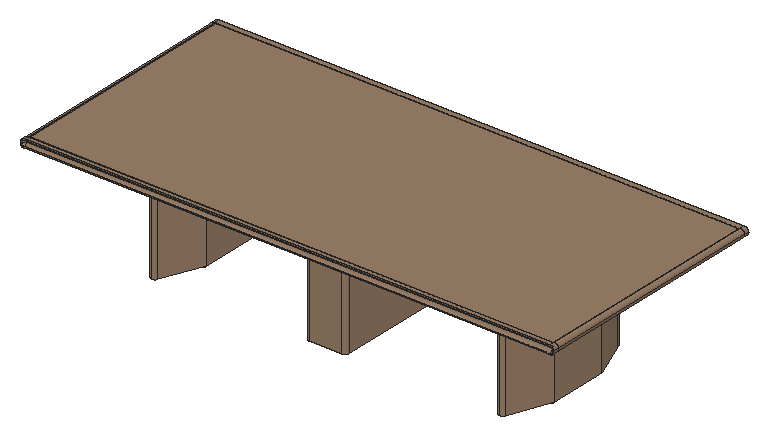
Revit family "Table-Teknion-CFTBCH_Figure_Table_Rectangular_Hexa_Panel_Base_Bullnose_Cove_Edge-R2023", category Furniture, Revit 2023
Family settings
  OmniClass Number = 23.40.20.00
  OmniClass Title = General Furniture and Specialties
  Work Plane-Based = No
  Enable Cutting in Views = No
  Always vertical = Yes
  Cut with Voids When Loaded = No
  Render Appearance Source = Family Geometry
  Shared = Yes
  Room Calculation Point = No
Parameters (values of type "Softened Panel Central Base")
  Width [instance] = 132.000"
  Warranty = "http://www.teknion.com/ca/papers/legal-canada"
  Unit Weight URL = "http://www.teknion.com/ca/tools/assets#&asset=bee6a381-b954-425e-8283-5a2de3a804f2,f828d448-4b62-4231-9e5f-9a8991c0ed77"
  URL = "www.teknion.com"
  Top Finish [instance] = Veneer-Teknion-LX-Natural_Veneer_V3-Sierra_Flat_Cut
  To render please download texture images found here [instance] = "https://assets.teknion.com/web/5e81352c1dfdb467/revit-material-swatches/"
  Sustainability Data = "https://www.teknion.com/ca/tools/assets#&topic=216f99a5-57a0-44fc-b10a-9dee9b29ae4c&asset=444deb64-fe58-4b68-981e-f75e97781df7,b4ff2d81-9f2e-437d-9659-7cffb09c31cf"
  Surface Power Access [instance] = "Select one option for surface power access. None are default."  # constant formula
  Series = "Custom Wood Boardroom & Reception Tables"  # constant formula
  S - Softened Panel = yes
  Product Page URL = "https://www.teknion.com/ca/products/product-details?productLineId=f182336e-8e7a-673b-a6c8-ff00004460c4"
  Product Line = "Figure Table"  # constant formula
  Product Documentation Link = ""
  Power Cover Finish [instance] = Paint - Teknion - Foundation - Sand
  Power - 2 & 3 [instance] = and([AF - 12" Standard Access Door], Width > 131.000")  # no
  Power - 1 & 3 [instance] = and([AF - 12" Standard Access Door], (or(Width < 121.000", Width > 203.000")))  # no
  Part Number = "CFTBCH"  # constant formula
  Panel Width [instance] = if(Depth = 60.000", 36.000", 30.000")  # 36.000"
  NN - None [instance] = not([AF - 12" Standard Access Door])  # yes
  N - No Central Base = no
  Model = "CFTBCH__SS_"
  Manufacturer Phone = "416-661-3370"  # constant formula
  Manufacturer Fax = "416.661.4586"  # constant formula
  Manufacturer Contact Information = "http://www.teknion.com/ca/contactus"
  Manufacturer Address = "1150 Flint Road, Toronto, ON. M3J 2J5. Canada"  # constant formula
  Manufacturer = "Teknion"  # constant formula
  MR - Softened + AF + 36" PW [instance] = and((and([AF - 12" Standard Access Door], (and([S - Softened Panel], Panel Width = 36.000")))), [Power - 1 & 3])  # no
  MR - Softened + AF + 30" PW [instance] = and((and([AF - 12" Standard Access Door], (and([S - Softened Panel], Panel Width = 30.000")))), [Power - 1 & 3])  # no
  MR - Hexa Panel [instance] = and((and([AF - 12" Standard Access Door], [H - Hexa Panel])), Width > 203.000")  # no
  2D - Softened + 36" Panel Width [instance] = and([S - Softened Panel], Panel Width = 36.000")  # yes
  2D - Softened + 30" Panel Width [instance] = and([S - Softened Panel], Panel Width = 30.000")  # no
  MR - NN [instance] = [NN - None]  # yes
  2D - Hexa Panel [instance] = [H - Hexa Panel]  # no
  MR - 3 AF [instance] = and((and((or([S - Softened Panel], [H - Hexa Panel])), [AF - 12" Standard Access Door])), Width > 203.000")  # no
  MR - 2 AF [instance] = and((and((or([S - Softened Panel], [H - Hexa Panel])), [AF - 12" Standard Access Door])), (or(Width > 131.000", Width < 193.000")))  # no
  MR - 1 AF [instance] = and([N - No Central Base], [AF - 12" Standard Access Door])  # no
  How To Use Teknion Materials User Guide [instance] = "https://assets.teknion.com/m/205dd0a49fa58060/original/How-to-add-a-Material-Library-and-Texture-Images-to-your-Revit-project.pdf"
  H - Hexa Panel = no
  Glide Finish [instance] = Paint - Teknion - Foundation - Sand
  For Additional Finishes please visit [instance] = "https://assets.teknion.com/m/44a8009b046e5d47/original/Teknion_Materials_Library.zip"
  Dim 2 [instance] = if(Depth = 48.000", 15.000", 18.000")  # 18.000"
  Dim 1 [instance] = if([N - No Central Base], 3.000", 19.000")  # 19.000"
  Description = "Figure Table, Rectangular, Hexa Panel Base, Bullnose Cove Edge, Softened Panel Central Base, Square Corner"
  Depth [instance] = 60.000"
  Default Elevation = 0.000"
  Cut - WK - 2 & 3 AF [instance] = if([Power - 2 & 3], 4.000", 0.300")  # 0.300"
  Cut - WK - 1 & 3 AF [instance] = if([Power - 1 & 3], 4.000", 0.300")  # 0.300"
  Cut - Central Base - Softened = if([S - Softened Panel], 15.000", 0.300")  # 15.000"
  Cut - Central Base - Hexa = if([H - Hexa Panel], 15.000", 0.300")  # 0.300"
  Central Base With Wire Management = ""
  Base Finish [instance] = Veneer-Teknion-LX-Natural_Veneer_V3-Sierra_Flat_Cut
  Available Width [instance] = if([N - No Central Base], "096, 108 & 120 Inch Only", "132, 144, 156, 168, 180, 192, 204, 216, 228 & 240 Inch")  # "132, 144, 156, 168, 180, 192, 204, 216, 228 & 240 Inch"
  Available Depth [instance] = "48, 54 & 60 Inch"  # constant formula
  Assembly Code = "E2020200"
  AF - 12" Standard Access Door [instance] = no
  3 WK [instance] = Width > 203.000"  # no
  2 WK + NN [instance] = or((and([NN - None], (or(Width = 120.000", Width = 132.000", Width = 144.000", Width = 156.000", Width = 168.000", Width = 180.000", Width = 192.000")))), [MR - 2 AF])  # yes
  2 WK + AF [instance] = and([AF - 12" Standard Access Door], (or(Width = 132.000", Width = 144.000", Width = 156.000", Width = 168.000", Width = 180.000", Width = 192.000")))  # no
  2 WK [instance] = or(Width = 120.000", Width = 132.000", Width = 144.000", Width = 156.000", Width = 168.000", Width = 180.000", Width = 192.000")  # yes
Reference planes (in)
  plane 1 "Center Front/Back": y = 0
  plane 2: z = 0
  plane 3 "Center Left/Right": x = 0
  plane 4 "Left": x = -66
  plane 5 "Right": x = 66
  plane 6 "Back": y = 30
  plane 7 "Front": y = -30
  plane 8 "Top": z = 29
  plane 9: x = -43
  plane 10: x = 43
  plane 11: x = -24
  plane 12: x = 24
  plane 13: x = -22
  plane 14: x = 22
  plane 15: z = 28
Forms (in)
  Sweep 1, solid, material "Veneer-Teknion-LX-Natural_Veneer_V3-Sierra_Flat_Cut" <- "Top Finish"
    path origin (0, 0, 0) x (1, 0, 0) y (0, 1, 0)
      loop
        line (0, 28.75) -> (0, -28.75)
    profile origin (0, 0, 0) x (1, 0, 0) y (0, 0, 1)
      loop
        line (64.75, 29) -> (64.75, 27) -> (65, 27)
        arc (65, 27) -> (65.70711, 27.29289) -> (66, 28) r 1
        arc (66, 28) -> (65.70711, 28.70711) -> (65, 29) r 1
        line (65, 29) -> (64.75, 29)
      loop
        line (-64.75, 29) -> (-65, 29)
        arc (-65, 29) -> (-65.70711, 28.70711) -> (-66, 28) r 1
        arc (-66, 28) -> (-65.70711, 27.29289) -> (-65, 27) r 1
        line (-65, 27) -> (-64.75, 27) -> (-64.75, 29)
  Sweep 2, solid, material "Veneer-Teknion-LX-Natural_Veneer_V3-Sierra_Flat_Cut" <- "Top Finish"
    path origin (0, 0, 0) x (1, 0, 0) y (0, 0, 1)
      loop
        line (0, 29) -> (0, 27)
    profile origin (0, 0, 28) x (0, -1, 0) y (1, 0, 0)
      loop
        line (-28.75, -64.75) -> (28.75, -64.75) -> (28.75, 64.75) -> (-28.75, 64.75) -> (-28.75, -64.75)
  Sweep 3, void
    path origin (0, 0, 0) x (1, 0, 0) y (0, 0, 1)
      loop
        line (0, 27.5) -> (0, 26.5)
    profile origin (0, 0, 27) x (0, -1, 0) y (1, 0, 0)
      loop
        line (-24, -60) -> (24, -60) -> (24, 60) -> (-24, 60) -> (-24, -60)
  Sweep 4, solid, material "Veneer-Teknion-LX-Natural_Veneer_V3-Sierra_Flat_Cut" <- "Top Finish"
    path origin (0, 0, 0) x (1, 0, 0) y (0, 0, 1)
      loop
        line (0, 27.5) -> (0, 26.75)
    profile origin (0, 0, 27.125) x (0, -1, 0) y (1, 0, 0)
      loop
        line (-22, -58) -> (22, -58) -> (22, 58) -> (-22, 58) -> (-22, -58)
  Sweep 5, solid, material "Veneer-Teknion-LX-Natural_Veneer_V3-Sierra_Flat_Cut" <- "Top Finish"
    path origin (0, 0, 0) x (1, 0, 0) y (0, 1, 0)
      loop
        line (-43, 0) -> (43, 0)
    profile origin (0, 0, 0) x (0, 1, 0) y (0, 0, 1)
      loop
        line (10.932, 26.75) -> (7.932, 18.75) -> (9, 18.75) -> (12, 26.75) -> (10.932, 26.75)
      loop
        line (-7.932, 18.75) -> (-10.932, 26.75) -> (-12, 26.75) -> (-9, 18.75) -> (-7.932, 18.75)
  Sweep 6, void
    path origin (0, 0, 0) x (1, 0, 0) y (0, 0, 1)
      loop
        line (0, 27) -> (0, 13)
    profile origin (0, 0, 20) x (0, -1, 0) y (1, 0, 0)
      loop
        line (-7.932, -38.26447) -> (-12, -39.90516) -> (-12, -43) -> (-7.932, -43) -> (-7.932, -38.26447)
      loop
        line (7.932, -38.26447) -> (7.932, -43) -> (12, -43) -> (12, -39.90516) -> (7.932, -38.26447)
      loop
        line (-7.932, 38.26447) -> (-7.932, 43) -> (-12, 43) -> (-12, 39.90516) -> (-7.932, 38.26447)
      loop
        line (7.932, 38.26447) -> (12, 39.90516) -> (12, 43) -> (7.932, 43) -> (7.932, 38.26447)
  Sweep 7, void
    path origin (0, 0, 0) x (1, 0, 0) y (0, 0, 1)
      loop
        line (0, 14) -> (0, 14.3)
    profile origin (0, 0, 14.15) x (-1, 0, 0) y (0, -1, 0)
      loop
        line (2.68094, 13.02625) -> (-2.68094, 13.02625) -> (-5, 7.27625) -> (5, 7.27625) -> (2.68094, 13.02625)
      loop
        line (2.68094, -13.02625) -> (5, -7.27625) -> (-5, -7.27625) -> (-2.68094, -13.02625) -> (2.68094, -13.02625)
  Sweep 8, solid, material "Veneer-Teknion-LX-Natural_Veneer_V3-Sierra_Flat_Cut" <- "Top Finish"
    path origin (0, 0, 0) x (1, 0, 0) y (0, 1, 0)
      loop
        line (0, -30) -> (0, -28.75)
    profile origin (0, -29.375, 0) x (-1, 0, 0) y (0, 0, 1)
      loop
        arc (66, 28) -> (65.70711, 28.70711) -> (65, 29) r 1
        line (65, 29) -> (-65, 29)
        arc (-65, 29) -> (-65.70711, 28.70711) -> (-66, 28) r 1
        arc (-66, 28) -> (-65.70711, 27.29289) -> (-65, 27) r 1
        line (-65, 27) -> (65, 27)
        arc (65, 27) -> (65.70711, 27.29289) -> (66, 28) r 1
  Sweep 9, solid, material "Veneer-Teknion-LX-Natural_Veneer_V3-Sierra_Flat_Cut" <- "Top Finish"
    path origin (0, 0, 0) x (1, 0, 0) y (0, 1, 0)
      loop
        line (0, 30) -> (0, 28.75)
    profile origin (0, 29.375, 0) x (1, 0, 0) y (0, 0, 1)
      loop
        arc (-66, 28) -> (-65.70711, 27.29289) -> (-65, 27) r 1
        line (-65, 27) -> (65, 27)
        arc (65, 27) -> (65.70711, 27.29289) -> (66, 28) r 1
        arc (66, 28) -> (65.70711, 28.70711) -> (65, 29) r 1
        line (65, 29) -> (-65, 29)
        arc (-65, 29) -> (-65.70711, 28.70711) -> (-66, 28) r 1
  Revolve 10, void
    sketch origin (480, -36.56537, 28) x (0, -1, 0) y (1, 0, 0)
      loop
        arc (-7.37787, -545) -> (-7.13989, -545.57452) -> (-6.56537, -545.8125) r 0.8125
        line (-6.56537, -545.8125) -> (-6.56537, -414.1875)
        arc (-6.56537, -414.1875) -> (-7.13989, -414.42548) -> (-7.37787, -415) r 0.8125
        line (-7.37787, -415) -> (-7.37787, -545)
      axis (-6.56537, -545.8125) -> (-6.56537, -414.1875)
    angle from 0 to 360
  Revolve 11, void
    sketch origin (480, -36.56537, 28) x (0, -1, 0) y (1, 0, 0)
      loop
        line (-66.56537, -414.1875) -> (-66.56537, -545.8125)
        arc (-66.56537, -545.8125) -> (-65.99084, -545.57452) -> (-65.75287, -545) r 0.8125
        line (-65.75287, -545) -> (-65.75287, -415)
        arc (-65.75287, -415) -> (-65.99084, -414.42548) -> (-66.56537, -414.1875) r 0.8125
      axis (-66.56537, -545.8125) -> (-66.56537, -414.1875)
    angle from 0 to 360
  Sweep 12, void
    path origin (0, 0, 0) x (1, 0, 0) y (0, 0, 1)
      loop
        line (0, 23.8) -> (0, 23.5)
    profile origin (0, 0, 23.65) x (0, -1, 0) y (1, 0, 0)
      loop
        arc (-3.75, -32.25004) -> (-3.60355, -32.6036) -> (-3.25, -32.75004) r 0.5
        line (-3.25, -32.75004) -> (3.25, -32.75004)
        arc (3.25, -32.75004) -> (3.60355, -32.6036) -> (3.75, -32.25004) r 0.5
        line (3.75, -32.25004) -> (3.75, -15.75004)
        arc (3.75, -15.75004) -> (3.60355, -15.39649) -> (3.25, -15.25004) r 0.5
        line (3.25, -15.25004) -> (-3.25, -15.25004)
        arc (-3.25, -15.25004) -> (-3.60355, -15.39649) -> (-3.75, -15.75004) r 0.5
        line (-3.75, -15.75004) -> (-3.75, -32.25004)
      loop
        line (-3.75, 32.25004) -> (-3.75, 15.75004)
        arc (-3.75, 15.75004) -> (-3.60355, 15.39649) -> (-3.25, 15.25004) r 0.5
        line (-3.25, 15.25004) -> (3.25, 15.25004)
        arc (3.25, 15.25004) -> (3.60355, 15.39649) -> (3.75, 15.75004) r 0.5
        line (3.75, 15.75004) -> (3.75, 32.25004)
        arc (3.75, 32.25004) -> (3.60355, 32.6036) -> (3.25, 32.75004) r 0.5
        line (3.25, 32.75004) -> (-3.25, 32.75004)
        arc (-3.25, 32.75004) -> (-3.60355, 32.6036) -> (-3.75, 32.25004) r 0.5
  Sweep 13, void
    path origin (0, 0, 0) x (1, 0, 0) y (0, 0, 1)
      loop
        line (0, 23.5) -> (0, 23.8)
    profile origin (0, 0, 23.65) x (-1, 0, 0) y (0, -1, 0)
      loop
        arc (8.25, -3.75) -> (8.60355, -3.60355) -> (8.75, -3.25) r 0.5
        line (8.75, -3.25) -> (8.75, 3.25)
        arc (8.75, 3.25) -> (8.60355, 3.60355) -> (8.25, 3.75) r 0.5
        line (8.25, 3.75) -> (-8.25, 3.75)
        arc (-8.25, 3.75) -> (-8.60355, 3.60355) -> (-8.75, 3.25) r 0.5
        line (-8.75, 3.25) -> (-8.75, -3.25)
        arc (-8.75, -3.25) -> (-8.60355, -3.60355) -> (-8.25, -3.75) r 0.5
        line (-8.25, -3.75) -> (8.25, -3.75)
  Sweep 14, void
    path origin (0, 0, 0) x (1, 0, 0) y (0, 0, 1)
      loop
        line (0, 31.5) -> (0, 31.2)
    profile origin (0, 0, 31.35) x (0, -1, 0) y (1, 0, 0)
      loop
        line (-2.69291, -18.47642) -> (-2.69291, -29.52367)
        arc (-2.69291, -29.52367) -> (-2.5776, -29.80205) -> (-2.29921, -29.91737) r 0.3937
        line (-2.29921, -29.91737) -> (2.29921, -29.91737)
        arc (2.29921, -29.91737) -> (2.5776, -29.80205) -> (2.69291, -29.52367) r 0.3937
        line (2.69291, -29.52367) -> (2.69291, -18.47642)
        arc (2.69291, -18.47642) -> (2.5776, -18.19803) -> (2.29921, -18.08272) r 0.3937
        line (2.29921, -18.08272) -> (-2.29921, -18.08272)
        arc (-2.29921, -18.08272) -> (-2.5776, -18.19803) -> (-2.69291, -18.47642) r 0.3937
      loop
        arc (-2.69291, 18.47642) -> (-2.5776, 18.19803) -> (-2.29921, 18.08272) r 0.3937
        line (-2.29921, 18.08272) -> (2.29921, 18.08272)
        arc (2.29921, 18.08272) -> (2.5776, 18.19803) -> (2.69291, 18.47642) r 0.3937
        line (2.69291, 18.47642) -> (2.69291, 29.52367)
        arc (2.69291, 29.52367) -> (2.5776, 29.80205) -> (2.29921, 29.91737) r 0.3937
        line (2.29921, 29.91737) -> (-2.29921, 29.91737)
        arc (-2.29921, 29.91737) -> (-2.5776, 29.80205) -> (-2.69291, 29.52367) r 0.3937
        line (-2.69291, 29.52367) -> (-2.69291, 18.47642)
  Sweep 15, void
    path origin (0, 0, 0) x (1, 0, 0) y (0, 0, 1)
      loop
        line (0, 31.2) -> (0, 31.5)
    profile origin (0, 0, 31.35) x (-1, 0, 0) y (0, -1, 0)
      loop
        arc (5.52362, -2.69291) -> (5.80201, -2.5776) -> (5.91732, -2.29921) r 0.3937
        line (5.91732, -2.29921) -> (5.91732, 2.29921)
        arc (5.91732, 2.29921) -> (5.80201, 2.5776) -> (5.52362, 2.69291) r 0.3937
        line (5.52362, 2.69291) -> (-5.52362, 2.69291)
        arc (-5.52362, 2.69291) -> (-5.80201, 2.5776) -> (-5.91732, 2.29921) r 0.3937
        line (-5.91732, 2.29921) -> (-5.91732, -2.29921)
        arc (-5.91732, -2.29921) -> (-5.80201, -2.5776) -> (-5.52362, -2.69291) r 0.3937
        line (-5.52362, -2.69291) -> (5.52362, -2.69291)
  Sweep 16, void
    path origin (0, 0, 0) x (1, 0, 0) y (0, 0, 1)
      loop
        line (0, 15) -> (0, 30)
    profile origin (0, 0, 22.5) x (-1, 0, 0) y (0, -1, 0)
      loop
        line (5, -13.93709) -> (5, 13.93709) -> (-5, 13.93709) -> (-5, -13.93709) -> (5, -13.93709)
Cuts and joins
  Sweep 6, Sweep 7, Sweep 16 cuts Sweep 5
  Revolve 10 cuts Sweep 8
  Revolve 11 cuts Sweep 9
  Sweep 3, Sweep 14, Sweep 15 cuts Sweep 2
  Sweep 12, Sweep 13 cuts Sweep 4
  joined: Sweep 2, Sweep 4
Lines and regions (in)
  Masking region 1, visible <- "MR - NN"
    outline origin (480, -36.56537, 28) x (0, -1, 0) y (1, 0, 0)
      loop
        line (-66.56537, -546) -> (-6.56537, -546) -> (-6.56537, -414) -> (-66.56537, -414) -> (-66.56537, -546)
  Masking region 2, visible <- "MR - 1 AF"
    outline origin (480, -36.56537, 28) x (0, -1, 0) y (1, 0, 0)
      loop
        line (-66.56537, -414) -> (-66.56537, -546) -> (-6.56537, -546) -> (-6.56537, -414) -> (-66.56537, -414)
      loop
        line (-39.36852, -474.43701) -> (-39.36852, -485.56299)
        arc (-39.36852, -485.56299) -> (-39.23245, -485.89149) -> (-38.90395, -486.02756) r 0.46457
        line (-38.90395, -486.02756) -> (-34.22678, -486.02756)
        arc (-34.22678, -486.02756) -> (-33.89828, -485.89149) -> (-33.76222, -485.56299) r 0.46457
        line (-33.76222, -485.56299) -> (-33.76222, -474.43701)
        arc (-33.76222, -474.43701) -> (-33.89828, -474.10851) -> (-34.22678, -473.97244) r 0.46457
        line (-34.22678, -473.97244) -> (-38.90395, -473.97244)
        arc (-38.90395, -473.97244) -> (-39.23245, -474.10851) -> (-39.36852, -474.43701) r 0.46457
  Masking region 3, visible <- "MR - 2 AF"
    outline origin (480, -36.56537, 28) x (0, -1, 0) y (1, 0, 0)
      loop
        line (-66.56537, -546) -> (-6.56537, -546) -> (-6.56537, -414) -> (-66.56537, -414) -> (-66.56537, -546)
      loop
        line (-34.22678, -497.97244) -> (-38.90395, -497.97244)
        arc (-38.90395, -497.97244) -> (-39.23245, -498.10851) -> (-39.36852, -498.43701) r 0.46457
        line (-39.36852, -498.43701) -> (-39.36852, -509.56299)
        arc (-39.36852, -509.56299) -> (-39.23245, -509.89149) -> (-38.90395, -510.02756) r 0.46457
        line (-38.90395, -510.02756) -> (-34.22678, -510.02756)
        arc (-34.22678, -510.02756) -> (-33.89828, -509.89149) -> (-33.76222, -509.56299) r 0.46457
        line (-33.76222, -509.56299) -> (-33.76222, -498.43701)
        arc (-33.76222, -498.43701) -> (-33.89828, -498.10851) -> (-34.22678, -497.97244) r 0.46457
      loop
        line (-39.36852, -450.43701) -> (-39.36852, -461.56299)
        arc (-39.36852, -461.56299) -> (-39.23245, -461.89149) -> (-38.90395, -462.02756) r 0.46457
        line (-38.90395, -462.02756) -> (-34.22678, -462.02756)
        arc (-34.22678, -462.02756) -> (-33.89828, -461.89149) -> (-33.76222, -461.56299) r 0.46457
        line (-33.76222, -461.56299) -> (-33.76222, -450.43701)
        arc (-33.76222, -450.43701) -> (-33.89828, -450.10851) -> (-34.22678, -449.97244) r 0.46457
        line (-34.22678, -449.97244) -> (-38.90395, -449.97244)
        arc (-38.90395, -449.97244) -> (-39.23245, -450.10851) -> (-39.36852, -450.43701) r 0.46457
  Masking region 4, visible <- "MR - 3 AF"
    outline origin (480, -36.56537, 28) x (0, -1, 0) y (1, 0, 0)
      loop
        line (-66.56537, -546) -> (-6.56537, -546) -> (-6.56537, -414) -> (-66.56537, -414) -> (-66.56537, -546)
      loop
        line (-39.36852, -498.43701) -> (-39.36852, -509.56299)
        arc (-39.36852, -509.56299) -> (-39.23245, -509.89149) -> (-38.90395, -510.02756) r 0.46457
        line (-38.90395, -510.02756) -> (-34.22678, -510.02756)
        arc (-34.22678, -510.02756) -> (-33.89828, -509.89149) -> (-33.76222, -509.56299) r 0.46457
        line (-33.76222, -509.56299) -> (-33.76222, -498.43701)
        arc (-33.76222, -498.43701) -> (-33.89828, -498.10851) -> (-34.22678, -497.97244) r 0.46457
        line (-34.22678, -497.97244) -> (-38.90395, -497.97244)
        arc (-38.90395, -497.97244) -> (-39.23245, -498.10851) -> (-39.36852, -498.43701) r 0.46457
      loop
        line (-39.36852, -474.43701) -> (-39.36852, -485.56299)
        arc (-39.36852, -485.56299) -> (-39.23245, -485.89149) -> (-38.90395, -486.02756) r 0.46457
        line (-38.90395, -486.02756) -> (-34.22678, -486.02756)
        arc (-34.22678, -486.02756) -> (-33.89828, -485.89149) -> (-33.76222, -485.56299) r 0.46457
        line (-33.76222, -485.56299) -> (-33.76222, -474.43701)
        arc (-33.76222, -474.43701) -> (-33.89828, -474.10851) -> (-34.22678, -473.97244) r 0.46457
        line (-34.22678, -473.97244) -> (-38.90395, -473.97244)
        arc (-38.90395, -473.97244) -> (-39.23245, -474.10851) -> (-39.36852, -474.43701) r 0.46457
      loop
        line (-39.36852, -450.43701) -> (-39.36852, -461.56299)
        arc (-39.36852, -461.56299) -> (-39.23245, -461.89149) -> (-38.90395, -462.02756) r 0.46457
        line (-38.90395, -462.02756) -> (-34.22678, -462.02756)
        arc (-34.22678, -462.02756) -> (-33.89828, -461.89149) -> (-33.76222, -461.56299) r 0.46457
        line (-33.76222, -461.56299) -> (-33.76222, -450.43701)
        arc (-33.76222, -450.43701) -> (-33.89828, -450.10851) -> (-34.22678, -449.97244) r 0.46457
        line (-34.22678, -449.97244) -> (-38.90395, -449.97244)
        arc (-38.90395, -449.97244) -> (-39.23245, -450.10851) -> (-39.36852, -450.43701) r 0.46457
  Masking region 5, visible <- "Power - 2 & 3"
    outline origin (480, -36.56537, 28) x (0, -1, 0) y (1, 0, 0)
      loop
        line (-39.36852, -498.43701) -> (-39.36852, -509.56299)
        arc (-39.36852, -509.56299) -> (-39.23245, -509.89149) -> (-38.90395, -510.02756) r 0.46457
        line (-38.90395, -510.02756) -> (-34.22678, -510.02756)
        arc (-34.22678, -510.02756) -> (-33.89828, -509.89149) -> (-33.76222, -509.56299) r 0.46457
        line (-33.76222, -509.56299) -> (-33.76222, -498.43701)
        arc (-33.76222, -498.43701) -> (-33.89828, -498.10851) -> (-34.22678, -497.97244) r 0.46457
        line (-34.22678, -497.97244) -> (-38.90395, -497.97244)
        arc (-38.90395, -497.97244) -> (-39.23245, -498.10851) -> (-39.36852, -498.43701) r 0.46457
      loop
        arc (-39.08109, -509.50787) -> (-39.01306, -509.67211) -> (-38.84883, -509.74014) r 0.23226
        line (-38.84883, -509.74014) -> (-38.11709, -509.74014) -> (-38.11709, -509.66805) -> (-38.41576, -509.66805)
        arc (-38.41576, -509.66805) -> (-38.4984, -509.63382) -> (-38.53263, -509.55118) r 0.11687
        line (-38.53263, -509.55118) -> (-38.53263, -498.44882)
        arc (-38.53263, -498.44882) -> (-38.4984, -498.36618) -> (-38.41576, -498.33195) r 0.11687
        line (-38.41576, -498.33195) -> (-38.11709, -498.33195) -> (-38.11709, -498.25986) -> (-38.84883, -498.25986)
        arc (-38.84883, -498.25986) -> (-39.01306, -498.32789) -> (-39.08109, -498.49213) r 0.23226
        line (-39.08109, -498.49213) -> (-39.08109, -509.50787)
      loop
        arc (-34.5981, -509.55118) -> (-34.63233, -509.63382) -> (-34.71497, -509.66805) r 0.11687
        line (-34.71497, -509.66805) -> (-35.01364, -509.66805) -> (-35.01364, -509.74014) -> (-34.2819, -509.74014)
        arc (-34.2819, -509.74014) -> (-34.11767, -509.67211) -> (-34.04964, -509.50787) r 0.23226
        line (-34.04964, -509.50787) -> (-34.04964, -498.49213)
        arc (-34.04964, -498.49213) -> (-34.11767, -498.32789) -> (-34.2819, -498.25986) r 0.23226
        line (-34.2819, -498.25986) -> (-35.01364, -498.25986) -> (-35.01364, -498.33195) -> (-34.71497, -498.33195)
        arc (-34.71497, -498.33195) -> (-34.63233, -498.36618) -> (-34.5981, -498.44882) r 0.11687
        line (-34.5981, -498.44882) -> (-34.5981, -509.55118)
      loop
        line (-39.36852, -450.43701) -> (-39.36852, -461.56299)
        arc (-39.36852, -461.56299) -> (-39.23245, -461.89149) -> (-38.90395, -462.02756) r 0.46457
        line (-38.90395, -462.02756) -> (-34.22678, -462.02756)
        arc (-34.22678, -462.02756) -> (-33.89828, -461.89149) -> (-33.76222, -461.56299) r 0.46457
        line (-33.76222, -461.56299) -> (-33.76222, -450.43701)
        arc (-33.76222, -450.43701) -> (-33.89828, -450.10851) -> (-34.22678, -449.97244) r 0.46457
        line (-34.22678, -449.97244) -> (-38.90395, -449.97244)
        arc (-38.90395, -449.97244) -> (-39.23245, -450.10851) -> (-39.36852, -450.43701) r 0.46457
      loop
        arc (-39.08109, -461.50787) -> (-39.01306, -461.67211) -> (-38.84883, -461.74014) r 0.23226
        line (-38.84883, -461.74014) -> (-38.11709, -461.74014) -> (-38.11709, -461.66805) -> (-38.41576, -461.66805)
        arc (-38.41576, -461.66805) -> (-38.4984, -461.63382) -> (-38.53263, -461.55118) r 0.11687
        line (-38.53263, -461.55118) -> (-38.53263, -450.44882)
        arc (-38.53263, -450.44882) -> (-38.4984, -450.36618) -> (-38.41576, -450.33195) r 0.11687
        line (-38.41576, -450.33195) -> (-38.11709, -450.33195) -> (-38.11709, -450.25986) -> (-38.84883, -450.25986)
        arc (-38.84883, -450.25986) -> (-39.01306, -450.32789) -> (-39.08109, -450.49213) r 0.23226
        line (-39.08109, -450.49213) -> (-39.08109, -461.50787)
      loop
        line (-35.01364, -461.66805) -> (-35.01364, -461.74014) -> (-34.2819, -461.74014)
        arc (-34.2819, -461.74014) -> (-34.11767, -461.67211) -> (-34.04964, -461.50787) r 0.23226
        line (-34.04964, -461.50787) -> (-34.04964, -450.49213)
        arc (-34.04964, -450.49213) -> (-34.11767, -450.32789) -> (-34.2819, -450.25986) r 0.23226
        line (-34.2819, -450.25986) -> (-35.01364, -450.25986) -> (-35.01364, -450.33195) -> (-34.71497, -450.33195)
        arc (-34.71497, -450.33195) -> (-34.63233, -450.36618) -> (-34.5981, -450.44882) r 0.11687
        line (-34.5981, -450.44882) -> (-34.5981, -461.55118)
        arc (-34.5981, -461.55118) -> (-34.63233, -461.63382) -> (-34.71497, -461.66805) r 0.11687
        line (-34.71497, -461.66805) -> (-35.01364, -461.66805)
  Masking region 6, visible <- "Power - 1 & 3"
    outline origin (480, -36.56537, 28) x (0, -1, 0) y (1, 0, 0)
      loop
        line (-39.36852, -474.43701) -> (-39.36852, -485.56299)
        arc (-39.36852, -485.56299) -> (-39.23245, -485.89149) -> (-38.90395, -486.02756) r 0.46457
        line (-38.90395, -486.02756) -> (-34.22678, -486.02756)
        arc (-34.22678, -486.02756) -> (-33.89828, -485.89149) -> (-33.76222, -485.56299) r 0.46457
        line (-33.76222, -485.56299) -> (-33.76222, -474.43701)
        arc (-33.76222, -474.43701) -> (-33.89828, -474.10851) -> (-34.22678, -473.97244) r 0.46457
        line (-34.22678, -473.97244) -> (-38.90395, -473.97244)
        arc (-38.90395, -473.97244) -> (-39.23245, -474.10851) -> (-39.36852, -474.43701) r 0.46457
      loop
        arc (-39.08109, -485.50787) -> (-39.01306, -485.67211) -> (-38.84883, -485.74014) r 0.23226
        line (-38.84883, -485.74014) -> (-38.11709, -485.74014) -> (-38.11709, -485.66805) -> (-38.41576, -485.66805)
        arc (-38.41576, -485.66805) -> (-38.4984, -485.63382) -> (-38.53263, -485.55118) r 0.11687
        line (-38.53263, -485.55118) -> (-38.53263, -474.44882)
        arc (-38.53263, -474.44882) -> (-38.4984, -474.36618) -> (-38.41576, -474.33195) r 0.11687
        line (-38.41576, -474.33195) -> (-38.11709, -474.33195) -> (-38.11709, -474.25986) -> (-38.84883, -474.25986)
        arc (-38.84883, -474.25986) -> (-39.01306, -474.32789) -> (-39.08109, -474.49213) r 0.23226
        line (-39.08109, -474.49213) -> (-39.08109, -485.50787)
      loop
        arc (-34.5981, -485.55118) -> (-34.63233, -485.63382) -> (-34.71497, -485.66805) r 0.11687
        line (-34.71497, -485.66805) -> (-35.01364, -485.66805) -> (-35.01364, -485.74014) -> (-34.2819, -485.74014)
        arc (-34.2819, -485.74014) -> (-34.11767, -485.67211) -> (-34.04964, -485.50787) r 0.23226
        line (-34.04964, -485.50787) -> (-34.04964, -474.49213)
        arc (-34.04964, -474.49213) -> (-34.11767, -474.32789) -> (-34.2819, -474.25986) r 0.23226
        line (-34.2819, -474.25986) -> (-35.01364, -474.25986) -> (-35.01364, -474.33195) -> (-34.71497, -474.33195)
        arc (-34.71497, -474.33195) -> (-34.63233, -474.36618) -> (-34.5981, -474.44882) r 0.11687
        line (-34.5981, -474.44882) -> (-34.5981, -485.55118)
  Masking region 7, visible <- "MR - Hexa Panel"
    outline origin (480, -36.56537, 28) x (0, -1, 0) y (1, 0, 0)
      loop
        line (-39.08109, -485) -> (-38.53263, -485) -> (-38.53263, -475) -> (-39.08109, -475) -> (-39.08109, -485)
      loop
        line (-34.5981, -485) -> (-34.04964, -485) -> (-34.04964, -475) -> (-34.5981, -475) -> (-34.5981, -485)
  Masking region 8, visible <- "MR - Softened + AF + 36" PW"
    outline origin (480, -36.56537, 28) x (0, -1, 0) y (1, 0, 0)
      loop
        line (-39.08109, -485) -> (-38.53263, -485) -> (-38.53263, -483.48279)
        arc (-38.53263, -483.48279) -> (-38.81461, -483.30771) -> (-39.08109, -483.10984) r 4
        line (-39.08109, -483.10984) -> (-39.08109, -485)
      loop
        arc (-39.08109, -476.89016) -> (-38.81461, -476.69229) -> (-38.53263, -476.51721) r 4
        line (-38.53263, -476.51721) -> (-38.53263, -475) -> (-39.08109, -475) -> (-39.08109, -476.89016)
      loop
        arc (-34.04964, -483.10984) -> (-34.31613, -483.30771) -> (-34.5981, -483.48279) r 4
        line (-34.5981, -483.48279) -> (-34.5981, -485) -> (-34.04964, -485) -> (-34.04964, -483.10984)
      loop
        arc (-34.5981, -476.51721) -> (-34.31613, -476.69229) -> (-34.04964, -476.89016) r 4
        line (-34.04964, -476.89016) -> (-34.04964, -475) -> (-34.5981, -475) -> (-34.5981, -476.51721)
  Masking region 9, visible <- "MR - Softened + AF + 30" PW"
    outline origin (480, -36.56537, 28) x (0, -1, 0) y (1, 0, 0)
      loop
        line (-39.08109, -485) -> (-38.53263, -485) -> (-38.53263, -483) -> (-39.08109, -483) -> (-39.08109, -485)
      loop
        line (-39.08109, -477) -> (-38.53263, -477) -> (-38.53263, -475) -> (-39.08109, -475) -> (-39.08109, -477)
      loop
        line (-34.5981, -477) -> (-34.04964, -477) -> (-34.04964, -475) -> (-34.5981, -475) -> (-34.5981, -477)
      loop
        line (-34.5981, -485) -> (-34.04964, -485) -> (-34.04964, -483) -> (-34.5981, -483) -> (-34.5981, -485)
  model lines, visible <- "2 WK"
    curve 1: line (0, -30, 29) -> (0, -2.69291, 29)
    curve 2: arc (0, -30, 28.8125) -> (0, -29.1875, 28) -> (0, -30, 27.1875) r 0.8125
    curve 3: line (0, -30, 28.8125) -> (0, -30, 29)
    curve 4: line (0, -30, 27) -> (0, -28.75, 27)
    curve 5: line (0, -30, 27.1875) -> (0, -30, 27)
    curve 30: line (0, 2.69291, 29) -> (0, 30, 29)
  model lines, style "Furniture", visible <- "2 WK"
    curve 6: line (0, 28.75, 27) -> (0, 30, 27)
    curve 7: line (0, 30, 27) -> (0, 30, 27.1875)
    curve 8: line (0, 30, 28.8125) -> (0, 30, 29)
    curve 9: arc (0, 30, 28.8125) -> (0, 29.1875, 28) -> (0, 30, 27.1875) r 0.8125
  model lines, visible <- "3 WK"
    curve 10: line (-22, -30, 27) -> (-22, -28.75, 27)
    curve 11: line (-22, -30, 27.1875) -> (-22, -30, 27)
    curve 12: line (-22, -30, 28.8125) -> (-22, -30, 29)
    curve 13: line (-22, -30, 29) -> (-22, 30, 29)
    curve 14: arc (-22, -30, 28.8125) -> (-22, -29.1875, 28) -> (-22, -30, 27.1875) r 0.8125
    curve 15: line (-22, 30, 28.8125) -> (-22, 30, 29)
    curve 16: line (-22, 28.75, 27) -> (-22, 30, 27)
    curve 17: line (-22, 30, 27) -> (-22, 30, 27.1875)
    curve 18: arc (-22, 30, 28.8125) -> (-22, 29.1875, 28) -> (-22, 30, 27.1875) r 0.8125
    curve 19: line (22, 28.75, 27) -> (22, 30, 27)
    curve 20: line (22, 30, 27) -> (22, 30, 27.1875)
    curve 21: line (22, 30, 28.8125) -> (22, 30, 29)
    curve 22: line (22, -30, 29) -> (22, 30, 29)
    curve 23: arc (22, 30, 28.8125) -> (22, 29.1875, 28) -> (22, 30, 27.1875) r 0.8125
    curve 24: line (22, -30, 28.8125) -> (22, -30, 29)
    curve 25: arc (22, -30, 28.8125) -> (22, -29.1875, 28) -> (22, -30, 27.1875) r 0.8125
    curve 26: line (22, -30, 27.1875) -> (22, -30, 27)
    curve 27: line (22, -30, 27) -> (22, -28.75, 27)
  model lines, visible <- "Power - 1 & 3"
    curve 28: line (0, -2.69291, 29) -> (0, -2.69291, 27.5)
    curve 29: line (0, 2.69291, 27) -> (0, 2.69291, 29)
  model lines, visible <- "2 WK + NN"
    curve 31: line (0, -2.69291, 29) -> (0, 2.69291, 29)
  symbolic lines, visible <- "Power - 2 & 3"
    curve 32: line (-29.74014, 2.28346, 28) -> (-29.74014, -2.28346, 28)
    curve 33: line (-29.66805, 1.85039, 28) -> (-29.66805, -1.85039, 28)
    curve 34: line (-18.33195, -1.85039, 28) -> (-18.33195, 1.85039, 28)
    curve 35: line (-18.25986, 2.28346, 28) -> (-18.25986, -2.28346, 28)
    curve 40: line (18.25986, 2.28346, 28) -> (18.25986, -2.28346, 28)
    curve 41: line (18.33195, 1.85039, 28) -> (18.33195, -1.85039, 28)
    curve 42: line (29.66805, -1.85039, 28) -> (29.66805, 1.85039, 28)
    curve 43: line (29.74014, 2.28346, 28) -> (29.74014, -2.28346, 28)
  symbolic lines, visible <- "Power - 1 & 3"
    curve 36: line (-5.74014, 2.28346, 28) -> (-5.74014, -2.28346, 28)
    curve 37: line (-5.66805, 1.85039, 28) -> (-5.66805, -1.85039, 28)
    curve 38: line (5.66805, -1.85039, 28) -> (5.66805, 1.85039, 28)
    curve 39: line (5.74014, 2.28346, 28) -> (5.74014, -2.28346, 28)
  symbolic lines, style "FurnitureHiddenLines", visible <- "Power - 2 & 3", detail levels medium+fine
    curve 44: line (-29.50787, 2.55535, 28) -> (-18.49213, 2.55535, 28)
    curve 45: arc (-18.49213, 2.55535, 28) -> (-18.29987, 2.47572, 28) -> (-18.22024, 2.28346, 28) r 0.27189
    curve 46: line (-18.22024, 2.28346, 28) -> (-18.22024, -2.28346, 28)
    curve 47: arc (-18.22024, -2.28346, 28) -> (-18.29987, -2.47572, 28) -> (-18.49213, -2.55535, 28) r 0.27189
    curve 48: line (-18.49213, -2.55535, 28) -> (-29.50787, -2.55535, 28)
    curve 49: arc (-29.50787, -2.55535, 28) -> (-29.70013, -2.47572, 28) -> (-29.77976, -2.28346, 28) r 0.27189
    curve 50: line (-29.77976, -2.28346, 28) -> (-29.77976, 2.28346, 28)
    curve 51: arc (-29.77976, 2.28346, 28) -> (-29.70013, 2.47572, 28) -> (-29.50787, 2.55535, 28) r 0.27189
    curve 52: line (-29.77976, -1.55173, 28) -> (-29.49606, -1.55173, 28)
    curve 53: line (-29.49606, -1.55173, 28) -> (-29.49606, 1.55173, 28)
    curve 54: line (-29.49606, 1.55173, 28) -> (-29.77976, 1.55173, 28)
    curve 55: line (-29.04724, -1.55315, 28) -> (-29.46457, -1.55315, 28)
    curve 56: line (-29.46457, -1.55315, 28) -> (-29.46457, 1.55315, 28)
    curve 57: line (-29.46457, 1.55315, 28) -> (-29.04724, 1.55315, 28)
    curve 58: line (-29.04724, 1.55315, 28) -> (-29.04724, -1.55315, 28)
    curve 59: line (-29.74014, 1.44686, 28) -> (-29.10236, 1.44686, 28)
    curve 60: line (-29.10236, 1.44686, 28) -> (-29.10236, -1.44686, 28)
    curve 61: line (-29.10236, -1.44686, 28) -> (-29.74014, -1.44686, 28)
    curve 62: line (-18.53543, 1.55315, 28) -> (-18.95276, 1.55315, 28)
    curve 63: line (-18.95276, 1.55315, 28) -> (-18.95276, -1.55315, 28)
    curve 64: line (-18.95276, -1.55315, 28) -> (-18.53543, -1.55315, 28)
    curve 65: line (-18.53543, -1.55315, 28) -> (-18.53543, 1.55315, 28)
    curve 66: line (-18.25986, 1.44686, 28) -> (-18.89764, 1.44686, 28)
    curve 67: line (-18.89764, 1.44686, 28) -> (-18.89764, -1.44686, 28)
    curve 68: line (-18.89764, -1.44686, 28) -> (-18.25986, -1.44686, 28)
    curve 69: line (-18.22024, 1.55173, 28) -> (-18.50394, 1.55173, 28)
    curve 70: line (-18.50394, 1.55173, 28) -> (-18.50394, -1.55173, 28)
    curve 71: line (-18.50394, -1.55173, 28) -> (-18.22024, -1.55173, 28)
    curve 100: line (18.49213, 2.55535, 28) -> (29.50787, 2.55535, 28)
    curve 101: arc (29.50787, 2.55535, 28) -> (29.70013, 2.47572, 28) -> (29.77976, 2.28346, 28) r 0.27189
    curve 102: line (29.77976, 2.28346, 28) -> (29.77976, -2.28346, 28)
    curve 103: arc (29.77976, -2.28346, 28) -> (29.70013, -2.47572, 28) -> (29.50787, -2.55535, 28) r 0.27189
    curve 104: line (29.50787, -2.55535, 28) -> (18.49213, -2.55535, 28)
    curve 105: arc (18.49213, -2.55535, 28) -> (18.29987, -2.47572, 28) -> (18.22024, -2.28346, 28) r 0.27189
    curve 106: line (18.22024, -2.28346, 28) -> (18.22024, 2.28346, 28)
    curve 107: arc (18.22024, 2.28346, 28) -> (18.29987, 2.47572, 28) -> (18.49213, 2.55535, 28) r 0.27189
    curve 108: line (18.22024, -1.55173, 28) -> (18.50394, -1.55173, 28)
    curve 109: line (18.50394, -1.55173, 28) -> (18.50394, 1.55173, 28)
    curve 110: line (18.50394, 1.55173, 28) -> (18.22024, 1.55173, 28)
    curve 111: line (18.95276, -1.55315, 28) -> (18.53543, -1.55315, 28)
    curve 112: line (18.53543, -1.55315, 28) -> (18.53543, 1.55315, 28)
    curve 113: line (18.53543, 1.55315, 28) -> (18.95276, 1.55315, 28)
    curve 114: line (18.95276, 1.55315, 28) -> (18.95276, -1.55315, 28)
    curve 115: line (18.25986, 1.44686, 28) -> (18.89764, 1.44686, 28)
    curve 116: line (18.89764, 1.44686, 28) -> (18.89764, -1.44686, 28)
    curve 117: line (18.89764, -1.44686, 28) -> (18.25986, -1.44686, 28)
    curve 118: line (29.46457, 1.55315, 28) -> (29.04724, 1.55315, 28)
    curve 119: line (29.04724, 1.55315, 28) -> (29.04724, -1.55315, 28)
    curve 120: line (29.04724, -1.55315, 28) -> (29.46457, -1.55315, 28)
    curve 121: line (29.46457, -1.55315, 28) -> (29.46457, 1.55315, 28)
    curve 122: line (29.77976, 1.55173, 28) -> (29.49606, 1.55173, 28)
    curve 123: line (29.49606, 1.55173, 28) -> (29.49606, -1.55173, 28)
    curve 124: line (29.49606, -1.55173, 28) -> (29.77976, -1.55173, 28)
    curve 125: line (29.74014, 1.44686, 28) -> (29.10236, 1.44686, 28)
    curve 126: line (29.10236, 1.44686, 28) -> (29.10236, -1.44686, 28)
    curve 127: line (29.10236, -1.44686, 28) -> (29.74014, -1.44686, 28)
  symbolic lines, style "FurnitureHiddenLines", visible <- "Power - 1 & 3", detail levels medium+fine
    curve 72: line (-5.50787, 2.55535, 28) -> (5.50787, 2.55535, 28)
    curve 73: arc (5.50787, 2.55535, 28) -> (5.70013, 2.47572, 28) -> (5.77976, 2.28346, 28) r 0.27189
    curve 74: line (5.77976, 2.28346, 28) -> (5.77976, -2.28346, 28)
    curve 75: arc (5.77976, -2.28346, 28) -> (5.70013, -2.47572, 28) -> (5.50787, -2.55535, 28) r 0.27189
    curve 76: line (5.50787, -2.55535, 28) -> (-5.50787, -2.55535, 28)
    curve 77: arc (-5.50787, -2.55535, 28) -> (-5.70013, -2.47572, 28) -> (-5.77976, -2.28346, 28) r 0.27189
    curve 78: line (-5.77976, -2.28346, 28) -> (-5.77976, 2.28346, 28)
    curve 79: arc (-5.77976, 2.28346, 28) -> (-5.70013, 2.47572, 28) -> (-5.50787, 2.55535, 28) r 0.27189
    curve 80: line (-5.77976, -1.55173, 28) -> (-5.49606, -1.55173, 28)
    curve 81: line (-5.49606, -1.55173, 28) -> (-5.49606, 1.55173, 28)
    curve 82: line (-5.49606, 1.55173, 28) -> (-5.77976, 1.55173, 28)
    curve 83: line (-5.04724, -1.55315, 28) -> (-5.46457, -1.55315, 28)
    curve 84: line (-5.46457, -1.55315, 28) -> (-5.46457, 1.55315, 28)
    curve 85: line (-5.46457, 1.55315, 28) -> (-5.04724, 1.55315, 28)
    curve 86: line (-5.04724, 1.55315, 28) -> (-5.04724, -1.55315, 28)
    curve 87: line (-5.74014, 1.44686, 28) -> (-5.10236, 1.44686, 28)
    curve 88: line (-5.10236, 1.44686, 28) -> (-5.10236, -1.44686, 28)
    curve 89: line (-5.10236, -1.44686, 28) -> (-5.74014, -1.44686, 28)
    curve 90: line (5.46457, 1.55315, 28) -> (5.04724, 1.55315, 28)
    curve 91: line (5.04724, 1.55315, 28) -> (5.04724, -1.55315, 28)
    curve 92: line (5.04724, -1.55315, 28) -> (5.46457, -1.55315, 28)
    curve 93: line (5.46457, -1.55315, 28) -> (5.46457, 1.55315, 28)
    curve 94: line (5.77976, 1.55173, 28) -> (5.49606, 1.55173, 28)
    curve 95: line (5.49606, 1.55173, 28) -> (5.49606, -1.55173, 28)
    curve 96: line (5.49606, -1.55173, 28) -> (5.77976, -1.55173, 28)
    curve 97: line (5.74014, 1.44686, 28) -> (5.10236, 1.44686, 28)
    curve 98: line (5.10236, 1.44686, 28) -> (5.10236, -1.44686, 28)
    curve 99: line (5.10236, -1.44686, 28) -> (5.74014, -1.44686, 28)
  symbolic lines, style "FurnitureHiddenLines", visible <- "Power - 2 & 3", detail levels fine
    curve 128: line (-18.47642, 2.69291, 28) -> (-29.52367, 2.69291, 28)
    curve 129: arc (-29.52367, 2.69291, 28) -> (-29.80205, 2.5776, 28) -> (-29.91737, 2.29921, 28) r 0.3937
    curve 130: line (-29.91737, 2.29921, 28) -> (-29.91737, -2.29921, 28)
    curve 131: arc (-29.91737, -2.29921, 28) -> (-29.80205, -2.5776, 28) -> (-29.52367, -2.69291, 28) r 0.3937
    curve 132: line (-29.52367, -2.69291, 28) -> (-18.47642, -2.69291, 28)
    curve 133: arc (-18.47642, -2.69291, 28) -> (-18.19803, -2.5776, 28) -> (-18.08272, -2.29921, 28) r 0.3937
    curve 134: line (-18.08272, -2.29921, 28) -> (-18.08272, 2.29921, 28)
    curve 135: arc (-18.08272, 2.29921, 28) -> (-18.19803, 2.5776, 28) -> (-18.47642, 2.69291, 28) r 0.3937
    curve 144: line (29.52367, 2.69291, 28) -> (18.47642, 2.69291, 28)
    curve 145: arc (18.47642, 2.69291, 28) -> (18.19803, 2.5776, 28) -> (18.08272, 2.29921, 28) r 0.3937
    curve 146: line (18.08272, 2.29921, 28) -> (18.08272, -2.29921, 28)
    curve 147: arc (18.08272, -2.29921, 28) -> (18.19803, -2.5776, 28) -> (18.47642, -2.69291, 28) r 0.3937
    curve 148: line (18.47642, -2.69291, 28) -> (29.52367, -2.69291, 28)
    curve 149: arc (29.52367, -2.69291, 28) -> (29.80205, -2.5776, 28) -> (29.91737, -2.29921, 28) r 0.3937
    curve 150: line (29.91737, -2.29921, 28) -> (29.91737, 2.29921, 28)
    curve 151: arc (29.91737, 2.29921, 28) -> (29.80205, 2.5776, 28) -> (29.52367, 2.69291, 28) r 0.3937
    curve 214: line (-15.25004, -3.25, 28) -> (-15.25004, 3.25, 28)
    curve 215: arc (-15.25004, 3.25, 28) -> (-15.39649, 3.60355, 28) -> (-15.75004, 3.75, 28) r 0.5
    curve 216: line (-15.75004, 3.75, 28) -> (-32.25004, 3.75, 28)
    curve 217: arc (-32.25004, 3.75, 28) -> (-32.6036, 3.60355, 28) -> (-32.75004, 3.25, 28) r 0.5
    curve 218: line (-32.75004, 3.25, 28) -> (-32.75004, -3.25, 28)
    curve 219: arc (-32.75004, -3.25, 28) -> (-32.6036, -3.60355, 28) -> (-32.25004, -3.75, 28) r 0.5
    curve 220: line (-32.25004, -3.75, 28) -> (-15.75004, -3.75, 28)
    curve 221: arc (-15.75004, -3.75, 28) -> (-15.39649, -3.60355, 28) -> (-15.25004, -3.25, 28) r 0.5
    curve 222: line (32.25004, 3.75, 28) -> (15.75004, 3.75, 28)
    curve 223: arc (15.75004, 3.75, 28) -> (15.39649, 3.60355, 28) -> (15.25004, 3.25, 28) r 0.5
    curve 224: line (15.25004, 3.25, 28) -> (15.25004, -3.25, 28)
    curve 225: arc (15.25004, -3.25, 28) -> (15.39649, -3.60355, 28) -> (15.75004, -3.75, 28) r 0.5
    curve 226: line (15.75004, -3.75, 28) -> (32.25004, -3.75, 28)
    curve 227: arc (32.25004, -3.75, 28) -> (32.6036, -3.60355, 28) -> (32.75004, -3.25, 28) r 0.5
    curve 228: line (32.75004, -3.25, 28) -> (32.75004, 3.25, 28)
    curve 229: arc (32.75004, 3.25, 28) -> (32.6036, 3.60355, 28) -> (32.25004, 3.75, 28) r 0.5
  symbolic lines, style "FurnitureHiddenLines", visible <- "Power - 1 & 3", detail levels fine
    curve 136: line (5.52362, 2.69291, 28) -> (-5.52362, 2.69291, 28)
    curve 137: arc (-5.52362, 2.69291, 28) -> (-5.80201, 2.5776, 28) -> (-5.91732, 2.29921, 28) r 0.3937
    curve 138: line (-5.91732, 2.29921, 28) -> (-5.91732, -2.29921, 28)
    curve 139: arc (-5.91732, -2.29921, 28) -> (-5.80201, -2.5776, 28) -> (-5.52362, -2.69291, 28) r 0.3937
    curve 140: line (-5.52362, -2.69291, 28) -> (5.52362, -2.69291, 28)
    curve 141: arc (5.52362, -2.69291, 28) -> (5.80201, -2.5776, 28) -> (5.91732, -2.29921, 28) r 0.3937
    curve 142: line (5.91732, -2.29921, 28) -> (5.91732, 2.29921, 28)
    curve 143: arc (5.91732, 2.29921, 28) -> (5.80201, 2.5776, 28) -> (5.52362, 2.69291, 28) r 0.3937
    curve 230: line (8.75, -3.25, 28) -> (8.75, 3.25, 28)
    curve 231: arc (8.75, 3.25, 28) -> (8.60355, 3.60355, 28) -> (8.25, 3.75, 28) r 0.5
    curve 232: line (8.25, 3.75, 28) -> (-8.25, 3.75, 28)
    curve 233: arc (-8.25, 3.75, 28) -> (-8.60355, 3.60355, 28) -> (-8.75, 3.25, 28) r 0.5
    curve 234: line (-8.75, 3.25, 28) -> (-8.75, -3.25, 28)
    curve 235: arc (-8.75, -3.25, 28) -> (-8.60355, -3.60355, 28) -> (-8.25, -3.75, 28) r 0.5
    curve 236: line (-8.25, -3.75, 28) -> (8.25, -3.75, 28)
    curve 237: arc (8.25, -3.75, 28) -> (8.60355, -3.60355, 28) -> (8.75, -3.25, 28) r 0.5
  symbolic lines, style "Furniture"
    curve 152: line (66, 28.75, 28) -> (-66, 28.75, 28)
    curve 153: line (-64.75, -28.75, 28) -> (-64.75, 28.75, 28)
    curve 154: line (-66, -28.75, 28) -> (66, -28.75, 28)
    curve 155: line (64.75, 28.75, 28) -> (64.75, -28.75, 28)
  symbolic lines, style "FurnitureHiddenLines", detail levels medium+fine
    curve 156: line (60, 24, 28) -> (-60, 24, 28)
    curve 157: line (58, 22, 28) -> (-58, 22, 28)
    curve 158: line (-60, 24, 28) -> (-60, -24, 28)
    curve 159: line (-58, 22, 28) -> (-58, -22, 28)
    curve 160: line (-60, -24, 28) -> (60, -24, 28)
    curve 161: line (-58, -22, 28) -> (58, -22, 28)
    curve 162: line (58, -22, 28) -> (58, 22, 28)
    curve 163: line (60, -24, 28) -> (60, 24, 28)
    curve 242: line (-43.67495, 18, 0) -> (-42.32505, 18, 0)
    curve 243: line (-43.67495, 18, 0) -> (-48, 7.27625, 0)
    curve 244: line (-38, 7.27625, 0) -> (-42.32505, 18, 0)
    curve 245: line (-43.67495, -18, 0) -> (-42.32505, -18, 0)
    curve 246: line (-48, -7.27625, 0) -> (-43.67495, -18, 0)
    curve 247: line (-42.32505, -18, 0) -> (-38, -7.27625, 0)
    curve 248: line (-38, -7.27625, 0) -> (-38, 7.27625, 0)
    curve 249: line (-48, 7.27625, 0) -> (-48, -7.27625, 0)
    curve 250: line (42.32505, 18, 0) -> (43.67495, 18, 0)
    curve 251: line (48, 7.27625, 0) -> (43.67495, 18, 0)
    curve 252: line (42.32505, 18, 0) -> (38, 7.27625, 0)
    curve 253: line (48, -7.27625, 0) -> (48, 7.27625, 0)
    curve 254: line (38, 7.27625, 0) -> (38, -7.27625, 0)
    curve 255: line (38, -7.27625, 0) -> (42.32505, -18, 0)
    curve 256: line (43.67495, -18, 0) -> (48, -7.27625, 0)
    curve 257: line (42.32505, -18, 0) -> (43.67495, -18, 0)
    curve 266: line (-43.89772, -17.13189, 0) -> (-42.10228, -17.13189, 0)
    curve 267: line (-42.10228, -17.13189, 0) -> (-38.11811, -7.25333, 0)
    curve 268: line (-38.11811, -7.25333, 0) -> (-38.11811, 7.25333, 0)
    curve 269: line (-38.11811, 7.25333, 0) -> (-42.10228, 17.13189, 0)
    curve 270: line (-42.10228, 17.13189, 0) -> (-43.89772, 17.13189, 0)
    curve 271: line (-43.89772, 17.13189, 0) -> (-47.88189, 7.25333, 0)
    curve 272: line (-47.88189, 7.25333, 0) -> (-47.88189, -7.25333, 0)
    curve 273: line (-47.88189, -7.25333, 0) -> (-43.89772, -17.13189, 0)
    curve 282: line (43.89772, 17.13189, 0) -> (42.10228, 17.13189, 0)
    curve 283: line (42.10228, 17.13189, 0) -> (38.11811, 7.25333, 0)
    curve 284: line (38.11811, 7.25333, 0) -> (38.11811, -7.25333, 0)
    curve 285: line (38.11811, -7.25333, 0) -> (42.10228, -17.13189, 0)
    curve 286: line (42.10228, -17.13189, 0) -> (43.89772, -17.13189, 0)
    curve 287: line (43.89772, -17.13189, 0) -> (47.88189, -7.25333, 0)
    curve 288: line (47.88189, -7.25333, 0) -> (47.88189, 7.25333, 0)
    curve 289: line (47.88189, 7.25333, 0) -> (43.89772, 17.13189, 0)
  symbolic lines, style "FurnitureHiddenLines", visible <- "S - Softened Panel", detail levels medium+fine
    curve 164: line (5, -17, 28) -> (5, 17, 28)
    curve 165: arc (5, 17, 28) -> (4.70711, 17.70711, 28) -> (4, 18, 28) r 1
    curve 166: line (4, 18, 28) -> (-4, 18, 28)
    curve 167: arc (-4, 18, 28) -> (-4.70711, 17.70711, 28) -> (-5, 17, 28) r 1
    curve 168: line (-5, 17, 28) -> (-5, -17, 28)
    curve 169: arc (-5, -17, 28) -> (-4.70711, -17.70711, 28) -> (-4, -18, 28) r 1
    curve 170: line (-4, -18, 28) -> (4, -18, 28)
    curve 171: arc (4, -18, 28) -> (4.70711, -17.70711, 28) -> (5, -17, 28) r 1
    curve 172: line (4.25, 17.25, 28) -> (-4.25, 17.25, 28)
    curve 173: line (-4.25, 17.25, 28) -> (-4.25, -17.25, 28)
    curve 174: line (-4.25, -17.25, 28) -> (4.25, -17.25, 28)
    curve 175: line (4.25, -17.25, 28) -> (4.25, 17.25, 28)
    curve 334: line (39.90516, 12, 0) -> (5, 12, 0)
    curve 335: line (39.47442, 10.932, 0) -> (5, 10.932, 0)
    curve 336: line (38.69521, 9, 0) -> (5, 9, 0)
    curve 337: line (-38.26447, 7.932, 0) -> (-5, 7.932, 0)
    curve 338: line (38.26447, -7.932, 0) -> (5, -7.932, 0)
    curve 339: line (38.69521, -9, 0) -> (5, -9, 0)
    curve 340: line (-39.47442, -10.932, 0) -> (-5, -10.932, 0)
    curve 341: line (39.90516, -12, 0) -> (5, -12, 0)
    curve 342: line (-5, 12, 0) -> (-39.90516, 12, 0)
    curve 343: line (-5, 10.932, 0) -> (-39.47442, 10.932, 0)
    curve 344: line (-5, 9, 0) -> (-38.69521, 9, 0)
    curve 345: line (5, 7.932, 0) -> (38.26447, 7.932, 0)
    curve 346: line (-5, -7.932, 0) -> (-38.26447, -7.932, 0)
    curve 347: line (-5, -9, 0) -> (-38.69521, -9, 0)
    curve 348: line (5, -10.932, 0) -> (39.47442, -10.932, 0)
    curve 349: line (-5, -12, 0) -> (-39.90516, -12, 0)
  symbolic lines, style "FurnitureHiddenLines", visible <- "2D - Softened + 36" Panel Width", detail levels medium+fine
    curve 176: line (5, 5, 28) -> (-5, 5, 28)
    curve 177: line (-5, -5, 28) -> (5, -5, 28)
    curve 178: line (-3, -4.5, 28) -> (-3, -2.64575, 28)
    curve 179: arc (-3, -2.64575, 28) -> (-4, 0, 28) -> (-3, 2.64575, 28) r 4
    curve 180: line (-3, 2.64575, 28) -> (-3, 4.5, 28)
    curve 181: arc (-3, 4.5, 28) -> (-2.85355, 4.85355, 28) -> (-2.5, 5, 28) r 0.5
    curve 182: arc (2.5, 5, 28) -> (2.85355, 4.85355, 28) -> (3, 4.5, 28) r 0.5
    curve 183: line (3, 4.5, 28) -> (3, 2.64575, 28)
    curve 184: arc (3, 2.64575, 28) -> (4, 0, 28) -> (3, -2.64575, 28) r 4
    curve 185: line (3, -2.64575, 28) -> (3, -4.5, 28)
    curve 186: arc (3, -4.5, 28) -> (2.85355, -4.85355, 28) -> (2.5, -5, 28) r 0.5
    curve 187: arc (-2.5, -5, 28) -> (-2.85355, -4.85355, 28) -> (-3, -4.5, 28) r 0.5
    curve 188: line (-4.25, 4, 28) -> (-5, 4, 28)
    curve 189: line (-5, -4, 28) -> (-4.25, -4, 28)
  symbolic lines, style "FurnitureHiddenLines", visible <- "2D - Softened + 30" Panel Width", detail levels medium+fine
    curve 190: line (-4.25, 4, 28) -> (-5, 4, 28)
    curve 191: line (-5, 3, 28) -> (-4.25, 3, 28)
    curve 192: line (-5, -3, 28) -> (-4.25, -3, 28)
    curve 193: line (-5, -4, 28) -> (-4.25, -4, 28)
    curve 194: line (4.25, -3, 28) -> (5, -3, 28)
    curve 195: line (4.25, 3, 28) -> (5, 3, 28)
    curve 196: line (-3, 4.5, 28) -> (-3, -4.5, 28)
    curve 197: line (3, -4.5, 28) -> (3, 4.5, 28)
    curve 198: line (2.5, -5, 28) -> (-2.5, -5, 28)
    curve 199: line (-2.5, 5, 28) -> (2.5, 5, 28)
    curve 200: arc (2.5, 5, 28) -> (2.85355, 4.85355, 28) -> (3, 4.5, 28) r 0.5
    curve 201: arc (-3, 4.5, 28) -> (-2.85355, 4.85355, 28) -> (-2.5, 5, 28) r 0.5
    curve 202: arc (-2.5, -5, 28) -> (-2.85355, -4.85355, 28) -> (-3, -4.5, 28) r 0.5
    curve 203: arc (3, -4.5, 28) -> (2.85355, -4.85355, 28) -> (2.5, -5, 28) r 0.5
    curve 204: arc (-3, -2.64575, 28) -> (-4, 0, 28) -> (-3, 2.64575, 28) r 4
    curve 205: arc (3, 2.64575, 28) -> (4, 0, 28) -> (3, -2.64575, 28) r 4
  symbolic lines, style "FurnitureHiddenLines", visible <- "S - Softened Panel", detail levels fine
    curve 206: arc (-4.14645, 16.646, 28) -> (-3.64645, 17.146, 28) -> (-3.14645, 16.646, 28) r 0.5
    curve 207: arc (-3.14645, 16.646, 28) -> (-3.64645, 16.146, 28) -> (-4.14645, 16.646, 28) r 0.5
    curve 208: arc (3.14645, 16.646, 28) -> (3.64645, 17.146, 28) -> (4.14645, 16.646, 28) r 0.5
    curve 209: arc (4.14645, 16.646, 28) -> (3.64645, 16.146, 28) -> (3.14645, 16.646, 28) r 0.5
    curve 210: arc (4.14645, -16.646, 28) -> (3.64645, -16.146, 28) -> (3.14645, -16.646, 28) r 0.5
    curve 211: arc (3.14645, -16.646, 28) -> (3.64645, -17.146, 28) -> (4.14645, -16.646, 28) r 0.5
    curve 212: arc (-3.14645, -16.646, 28) -> (-3.64645, -16.146, 28) -> (-4.14645, -16.646, 28) r 0.5
    curve 213: arc (-4.14645, -16.646, 28) -> (-3.64645, -17.146, 28) -> (-3.14645, -16.646, 28) r 0.5
  reference lines
    curve 238: line (-66, 30, 0) -> (66, 30, 0)
    curve 239: line (-66, -30, 0) -> (66, -30, 0)
    curve 240: line (-66, 30, 0) -> (-66, -30, 0)
    curve 241: line (66, 30, 0) -> (66, -30, 0)
  symbolic lines, style "FurnitureHiddenLines", visible <- "2D - Hexa Panel", detail levels medium+fine
    curve 258: line (-0.67495, 18, 0) -> (0.67495, 18, 0)
    curve 259: line (5, 7.27625, 0) -> (0.67495, 18, 0)
    curve 260: line (-0.67495, 18, 0) -> (-5, 7.27625, 0)
    curve 261: line (5, -7.27625, 0) -> (5, 7.27625, 0)
    curve 262: line (-5, 7.27625, 0) -> (-5, -7.27625, 0)
    curve 263: line (0.67495, -18, 0) -> (5, -7.27625, 0)
    curve 264: line (-5, -7.27625, 0) -> (-0.67495, -18, 0)
    curve 265: line (-0.67495, -18, 0) -> (0.67495, -18, 0)
    curve 274: line (0.89772, 17.13189, 0) -> (-0.89772, 17.13189, 0)
    curve 275: line (-0.89772, 17.13189, 0) -> (-4.88189, 7.25333, 0)
    curve 276: line (-4.88189, 7.25333, 0) -> (-4.88189, -7.25333, 0)
    curve 277: line (-4.88189, -7.25333, 0) -> (-0.89772, -17.13189, 0)
    curve 278: line (-0.89772, -17.13189, 0) -> (0.89772, -17.13189, 0)
    curve 279: line (0.89772, -17.13189, 0) -> (4.88189, -7.25333, 0)
    curve 280: line (4.88189, -7.25333, 0) -> (4.88189, 7.25333, 0)
    curve 281: line (4.88189, 7.25333, 0) -> (0.89772, 17.13189, 0)
  symbolic lines, style "FurnitureHiddenLines", detail levels fine
    curve 290: arc (-43.5, 15.5, 0) -> (-43, 16, 0) -> (-42.5, 15.5, 0) r 0.5
    curve 291: arc (-42.5, 15.5, 0) -> (-43, 15, 0) -> (-43.5, 15.5, 0) r 0.5
    curve 292: arc (-47.40943, 7.06461, 0) -> (-46.90943, 7.56461, 0) -> (-46.40943, 7.06461, 0) r 0.5
    curve 293: arc (-46.40943, 7.06461, 0) -> (-46.90943, 6.56461, 0) -> (-47.40943, 7.06461, 0) r 0.5
    curve 294: arc (-39.59057, 7.06461, 0) -> (-39.09057, 7.56461, 0) -> (-38.59057, 7.06461, 0) r 0.5
    curve 295: arc (-38.59057, 7.06461, 0) -> (-39.09057, 6.56461, 0) -> (-39.59057, 7.06461, 0) r 0.5
    curve 296: arc (-38.59057, -7.06461, 0) -> (-39.09057, -6.56461, 0) -> (-39.59057, -7.06461, 0) r 0.5
    curve 297: arc (-39.59057, -7.06461, 0) -> (-39.09057, -7.56461, 0) -> (-38.59057, -7.06461, 0) r 0.5
    curve 298: arc (-46.40943, -7.06461, 0) -> (-46.90943, -6.56461, 0) -> (-47.40943, -7.06461, 0) r 0.5
    curve 299: arc (-47.40943, -7.06461, 0) -> (-46.90943, -7.56461, 0) -> (-46.40943, -7.06461, 0) r 0.5
    curve 300: arc (-42.5, -15.5, 0) -> (-43, -15, 0) -> (-43.5, -15.5, 0) r 0.5
    curve 301: arc (-43.5, -15.5, 0) -> (-43, -16, 0) -> (-42.5, -15.5, 0) r 0.5
    curve 302: arc (42.5, 15.5, 0) -> (43, 16, 0) -> (43.5, 15.5, 0) r 0.5
    curve 303: arc (43.5, 15.5, 0) -> (43, 15, 0) -> (42.5, 15.5, 0) r 0.5
    curve 304: arc (38.59057, 7.06461, 0) -> (39.09057, 7.56461, 0) -> (39.59057, 7.06461, 0) r 0.5
    curve 305: arc (39.59057, 7.06461, 0) -> (39.09057, 6.56461, 0) -> (38.59057, 7.06461, 0) r 0.5
    curve 306: arc (46.40943, 7.06461, 0) -> (46.90943, 7.56461, 0) -> (47.40943, 7.06461, 0) r 0.5
    curve 307: arc (47.40943, 7.06461, 0) -> (46.90943, 6.56461, 0) -> (46.40943, 7.06461, 0) r 0.5
    curve 308: arc (47.40943, -7.06461, 0) -> (46.90943, -6.56461, 0) -> (46.40943, -7.06461, 0) r 0.5
    curve 309: arc (46.40943, -7.06461, 0) -> (46.90943, -7.56461, 0) -> (47.40943, -7.06461, 0) r 0.5
    curve 310: arc (39.59057, -7.06461, 0) -> (39.09057, -6.56461, 0) -> (38.59057, -7.06461, 0) r 0.5
